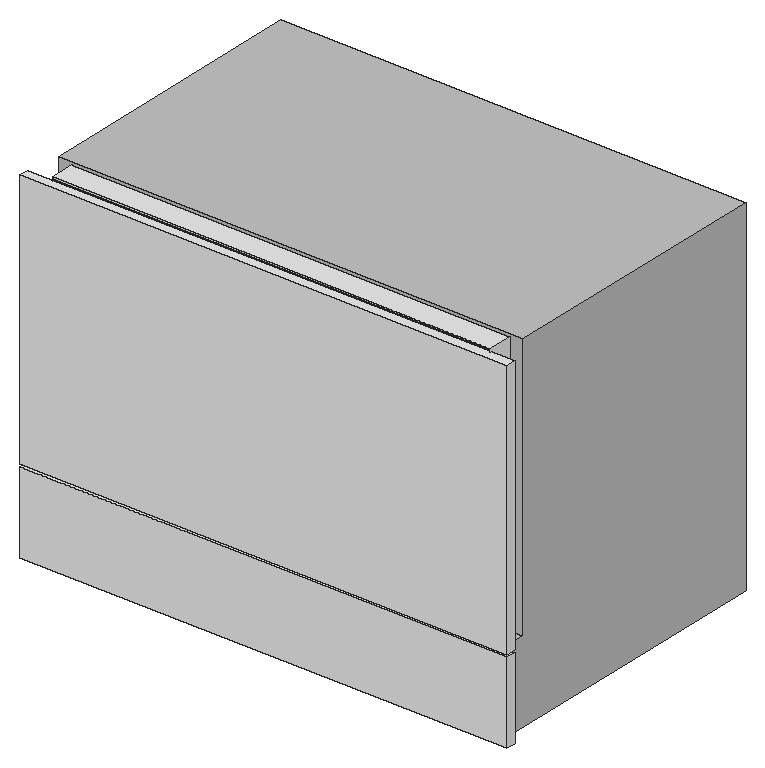
Revit family "FP-Revit20-en-RB90S64MKIW1-Cooldrawer-0-90004438A-CN", category Specialty Equipment, Revit 2020
Family settings
  Round Connector Dimension = Use Diameter
  Part Type = Normal
  Work Plane-Based = No
  Always vertical = Yes
  Cut with Voids When Loaded = Yes
  Shared = No
  Room Calculation Point = No
Parameters (values of type "RB90S64MKIW1 with custom drawer panel (dual)")
  Visibility - F&P contemporary square fine handle = no
  Visibility - F&P contemporary square fine black handle = no
  Visibility - Custom drawer panel (single) = no
  Visibility - F&P stainless door panel kit 840545 = no
  Visibility - F&P contemporary square handle = no
  Visibility - Custom drawer panel (dual) = yes
  Visibility - F&P Contemporary round handle = no
  Visibility - Clearance Required = yes
  URL = "www.fisherpaykel.com"
  Product - Width = 855.0 mm  # constant formula
  Product - Height = 640.0 mm  # constant formula
  Product - Depth = 557.0 mm  # constant formula
  Drawer Panel Offset (distane below base of cooldrawer, max 30mm) [instance] = 0.0 mm
  Material - Trim = Fisher & Paykel - Stainless Steel
  Material - Structure = Fisher & Paykel - White
  Material - Door Panel [instance] = Fisher & Paykel - White
  Material - Body = Fisher & Paykel - Grey
  Manufacturer = "Fisher&Paykel"
  Handle Mounting Hole Height [instance] = 590.0 mm
  Drawer Panel - Width = 896.0 mm  # constant formula
  Drawer Panel Height (for single custom panel, min 630mm) [instance] = 630.0 mm
  Drawer Panel Height (for dual custom panels, min 476mm) [instance] = 476.0 mm
  Drawer Panel Thickness (16mm - 20mm) [instance] = 18.0 mm
  Description = "90cm Cool Drawer"
  Model = "RB90S64MKIW1"
  Default Elevation = 0.0 mm
  Connector Description - Electrical = "110 V, 60 Hz, 186 W"
  Chassis - Width = 855.0 mm  # constant formula
  Chassis - Height = 640.0 mm  # constant formula
  Chassis - Depth = 557.0 mm  # constant formula
  Cavity - Width = 864.0 mm  # constant formula
  Cavity - Height = 644.0 mm  # constant formula
  Cavity - Depth = 560.0 mm  # constant formula
  FFL Offset [instance] = 86.0 mm
Types (4, lengths in mm): name | Visibility - Custom drawer panel (single) | Visibility - F&P stainless door panel kit 840545 | Visibility - F&P contemporary square handle | Visibility - Custom drawer panel (dual) | Material - Trim | Material - Door Panel | Handle Mounting Hole Height
  RB90S64MKIW1 with custom drawer panel (dual) | no | no | no | yes | Fisher & Paykel - Stainless Steel | Fisher & Paykel - White | 590.0
  RB90S64MKIW1 with custom drawer panel (single) | yes | no | no | no | Fisher & Paykel - Stainless Steel | Fisher & Paykel - White | 590.0
  RB90S64MKIW1 | no | no | no | no | Fisher & Paykel - White | Fisher & Paykel - Stainless Steel | 582.0
  RB90S64MKIW1 with F&P door panel kit 840545 | no | yes | yes | no | Fisher & Paykel - Stainless Steel | Fisher & Paykel - Stainless Steel | 590.0
Reference planes
  plane 1 "Datum": y = 0
  plane 2: z = 0
  plane 3 "Center (Left/Right)": x = 0
  plane 4 "Product - Depth": y = 557
  plane 5: x = -427.5
  plane 6: x = 427.5
  plane 7 "Chassis - Height": z = 726
  plane 8 "Door LHS": x = -448
  plane 9 "Door RHS": x = 448
  plane 10 "Cavity - Depth": y = 560
  plane 11 "Cavity - Height": z = 730
  plane 12 "Cavity - LHS": x = -432
  plane 13 "Cavity - RHS": x = 432
  plane 14 "Chassis": y = 45
  plane 15 "Door Panel": y = -18
  plane 16 "FFL Offset": z = 86
  plane 17 "Door Panel - Bottom": z = 240
  plane 18 "False Panel - Top": z = 236
  plane 19 "False Panel - Bottom": z = 86
  plane 20 "Handle Height": z = 676
Forms (mm)
  Extrusion 1, solid, material "Fisher & Paykel - Grey" <- "Material - Body"
    sketch origin (0, 0, 0) x (0, 1, 0) y (0, 0, 1)
      loop
        line (557, 86) -> (557, 726) -> (45, 726) -> (45, 236) -> (0, 236) -> (0, 86) -> (557, 86)
    from -427.5 to 427.5
  Extrusion 2, solid, material "Fisher & Paykel - Grey" <- "Material - Body", detail levels medium+fine
    sketch origin (-475.075, 0, -148.233) x (1, 0, 0) y (0, 0, 1)
      loop
        circle (287.575, 314.233) r 5
    from -557 to -560
  Extrusion 3, solid, material "Fisher & Paykel - White" <- "Material - Structure", detail levels medium+fine
    sketch origin (0, 0, 0) x (1, 0, 0) y (0, 0, 1)
      loop
        line (-402.5, 273) -> (-401.5, 273) -> (-401.5, 718) -> (401.5, 718) -> (401.5, 273) -> (402.5, 273) -> (402.5, 721) -> (-402.5, 721) -> (-402.5, 273)
    from -45 to 0
  Extrusion 4, solid, material "Fisher & Paykel - White" <- "Material - Structure"
    sketch origin (0, 0, 0) x (1, 0, 0) y (0, 0, 1)
      loop
        line (-401.5, 718) -> (-401.5, 273) -> (401.5, 273) -> (401.5, 718) -> (-401.5, 718)
    from -45 to -9
  Extrusion 5, solid, material "Fisher & Paykel - White" <- "Material - Structure", detail levels medium+fine
    sketch origin (0, 0, 0) x (1, 0, 0) y (0, 0, 1)
      loop
        line (-381.5, 673) -> (-381.5, 293) -> (381.5, 293) -> (381.5, 673) -> (-381.5, 673)
    from -9 to 0
  Extrusion 6, solid, material "Fisher & Paykel - Stainless Steel" <- "Material - Trim", detail levels medium+fine
    sketch origin (0, 0, 0) x (1, 0, 0) y (0, 0, 1)
      loop
        line (-379, 678.5) -> (-349, 678.5) -> (-349, 687.5)
        arc (-349, 687.5) -> (-350.757, 691.743) -> (-355, 693.5) r 6
        line (-355, 693.5) -> (-373, 693.5)
        arc (-373, 693.5) -> (-377.243, 691.743) -> (-379, 687.5) r 6
        line (-379, 687.5) -> (-379, 678.5)
      loop
        circle (-373, 687.5) r 2.5
      loop
        circle (-355, 687.5) r 2.5
      loop
        line (349, 678.5) -> (379, 678.5) -> (379, 687.5)
        arc (379, 687.5) -> (377.243, 691.743) -> (373, 693.5) r 6
        line (373, 693.5) -> (355, 693.5)
        arc (355, 693.5) -> (350.757, 691.743) -> (349, 687.5) r 6
        line (349, 687.5) -> (349, 678.5)
      loop
        circle (355, 687.5) r 2.5
      loop
        circle (373, 687.5) r 2.5
      loop
        line (-15, 287.5) -> (-15, 278.5)
        arc (-15, 278.5) -> (-13.243, 274.257) -> (-9, 272.5) r 6
        line (-9, 272.5) -> (9, 272.5)
        arc (9, 272.5) -> (13.243, 274.257) -> (15, 278.5) r 6
        line (15, 278.5) -> (15, 287.5) -> (-15, 287.5)
      loop
        circle (-9, 278.5) r 2.5
      loop
        circle (9, 278.5) r 2.5
    from -2.5 to 0
  Extrusion 7, solid, material "Fisher & Paykel - Stainless Steel" <- "Material - Trim", detail levels fine
    sketch origin (0, 0, 0) x (1, 0, 0) y (0, 1, 0)
      loop
        circle (-364.272, 4.531) r 2.497
      loop
        circle (364.512, 4.531) r 2.497
    from 673 to 678.5
  Extrusion 8, solid, material "Fisher & Paykel - Stainless Steel" <- "Material - Trim", detail levels fine
    sketch origin (0, 0, 0) x (1, 0, 0) y (0, 1, 0)
      loop
        circle (0, 5.242) r 2.5
    from 287.5 to 293
  Extrusion 9, solid, material "Fisher & Paykel - Clearance Required", visible <- "Visibility - Clearance Required", detail levels coarse
    sketch origin (0, 17.997, -93.995) x (0, 1, 0) y (0, 0, 1)
      loop
        line (-17.997, 836.995) -> (-537.997, 836.995) -> (-537.997, 777.995) -> (-578.997, 777.995) -> (-578.997, 761.994) -> (-537.997, 761.994) -> (-537.997, 179.995) -> (-17.997, 179.995) -> (-17.997, 836.995)
    from -450 to 450
  Extrusion 10, solid, material "Fisher & Paykel - Clearance Required", visible <- "Visibility - Clearance Required", detail levels coarse
    sketch origin (0, 0, 0) x (0, 1, 0) y (0, 0, 1)
      loop
        line (0, 730) -> (0, 86) -> (560, 86) -> (560, 730) -> (0, 730)
    from -432 to 432
  Extrusion 11, solid, material "Fisher & Paykel - White" <- "Material - Door Panel", visible <- "Visibility - Custom drawer panel (dual)"
    sketch origin (0, 0, 0) x (0, 1, 0) y (0, 0, 1)
      loop
        line (-18, 716) -> (-18, 240) -> (0, 240) -> (0, 716) -> (-18, 716)
    from -448 to 448
  Extrusion 12, solid, material "Fisher & Paykel - Grey" <- "Material - Body", detail levels fine
    sketch origin (0, 0, 0) x (0, 1, 0) y (0, 0, 1)
      loop
        line (2.5, 287.5) -> (2.5, 284.493) -> (8.055, 284.493) -> (8.055, 287.5) -> (2.5, 287.5)
    from -15 to 15
  Extrusion 13, solid, material "Fisher & Paykel - Grey" <- "Material - Body", detail levels fine
    sketch origin (0, 0, 0) x (0, 1, 0) y (0, 0, 1)
      loop
        line (2.5, 681.5) -> (2.5, 678.5) -> (8.055, 678.5) -> (8.055, 681.5) -> (2.5, 681.5)
    from 349 to 379
  Extrusion 14, solid, material "Fisher & Paykel - Grey" <- "Material - Body", detail levels fine
    sketch origin (0, 0, 0) x (0, 1, 0) y (0, 0, -1)
      loop
        line (2.5, -681.5) -> (8.055, -681.5) -> (8.055, -678.5) -> (2.5, -678.5) -> (2.5, -681.5)
    from 349 to 379
  Extrusion 15, solid, material "Fisher & Paykel - White" <- "Material - Door Panel", visible <- "Visibility - Custom drawer panel (dual)"
    sketch origin (0, 0, 0) x (0, 1, 0) y (0, 0, 1)
      loop
        line (-18, 236) -> (-18, 86) -> (0, 86) -> (0, 236) -> (-18, 236)
    from -448 to 448
  Extrusion 16, void
    sketch origin (0, 0, 0) x (0, 1, 0) y (0, 0, 1)
      loop
        line (-18, 743) -> (-18, 86) -> (0, 86) -> (0, 743) -> (-18, 743)
    from -450 to 450
  Extrusion 17, void
    sketch origin (0, 0, 0) x (0, 1, 0) y (0, 0, 1)
      loop
        line (0, 730) -> (0, 86) -> (560, 86) -> (560, 730) -> (0, 730)
    from -432 to 432
  Extrusion 18, solid, material "Fisher & Paykel - White" <- "Material - Door Panel", visible <- "Visibility - Custom drawer panel (single)"
    sketch origin (0, 0, 0) x (0, 1, 0) y (0, 0, 1)
      loop
        line (-18, 716) -> (-18, 86) -> (0, 86) -> (0, 716) -> (-18, 716)
    from -448 to 448
  Extrusion 19, solid, material "Fisher & Paykel - White" <- "Material - Door Panel", visible <- "Visibility - F&P stainless door panel kit 840545"
    sketch origin (0, 0, 146.144) x (0, 1, 0) y (0, 0, 1)
      loop
        line (-18, 594.856) -> (-18, 118.856) -> (0, 118.856) -> (0, 594.856) -> (-18, 594.856)
    from -448 to 448
Dimensions and locks
  "Product - Width": plane 5 to plane 6
  plane 8 "Door LHS" to plane 5 = 20.5 mm
  plane 9 "Door RHS" to plane 6 = 20.5 mm
  equal spacing: plane 12 "Cavity - LHS", plane 3 "Center (Left/Right)", plane 13 "Cavity - RHS"
  "Cavity - Width": plane 12 "Cavity - LHS" to plane 13 "Cavity - RHS"
  equal spacing: Extrusion 9, plane 3 "Center (Left/Right)", Extrusion 9
  Extrusion 9 to Extrusion 9 = 900.0 mm
  equal spacing: plane 5, plane 3 "Center (Left/Right)", plane 6
  equal spacing: plane 8 "Door LHS", plane 3 "Center (Left/Right)", plane 9 "Door RHS"
  "FFL Offset": plane 16 "FFL Offset" to plane 2
  "Chassis - Height": plane 16 "FFL Offset" to plane 7 "Chassis - Height"
  locked: Extrusion 1 to plane 16 "FFL Offset" at 150
  locked: plane 16 "FFL Offset" to Extrusion 2 sketch curve at 80
  locked: plane 7 "Chassis - Height" to Extrusion 5 at 53
  "Cavity - Height": plane 11 "Cavity - Height" to plane 16 "FFL Offset"
  "Drawer Panel - Width": plane 8 "Door LHS" to plane 9 "Door RHS"
  locked: Extrusion 9 to plane 8 "Door LHS" at 2
  locked: Extrusion 3 sketch curve to plane 7 "Chassis - Height" at 5
  locked: Extrusion 4 to plane 7 "Chassis - Height" at 8
  locked: plane 16 "FFL Offset" to Extrusion 3 sketch curve at 187  (x2)
  locked: Extrusion 13 to Extrusion 13 at 3
  locked: Extrusion 12 to Extrusion 12 at 3.007
  locked: Extrusion 12 to plane 16 "FFL Offset" at 201.5
  Extrusion 14 to plane 16 "FFL Offset" = 592.5 mm
  locked: Extrusion 5 to plane 16 "FFL Offset" at 207
  "Drawer Panel Thickness (16mm - 20mm)": plane 15 "Door Panel" to plane 1 "Datum"
  "Chassis - Depth": plane 1 "Datum" to plane 4 "Product - Depth"
  "Cavity - Depth": plane 1 "Datum" to plane 10 "Cavity - Depth"
  locked: plane 18 "False Panel - Top" to plane 17 "Door Panel - Bottom" at 4
  locked: Extrusion 6 to plane 7 "Chassis - Height" at 47.5
  "Drawer Panel Offset (distane below base of cooldrawer, max 30mm)": plane 16 "FFL Offset" to plane 19 "False Panel - Bottom"
  "Drawer Panel Height (for single custom panel, min 630mm)": Extrusion 18 to plane 19 "False Panel - Bottom"
  locked: plane 18 "False Panel - Top" to plane 16 "FFL Offset" at 150
  locked: Extrusion 19 to plane 16 "FFL Offset" at 179
  locked: Extrusion 19 to Extrusion 19 at 476
  locked: Extrusion 9 to Extrusion 19 at 2
  "Drawer Panel Height (for dual custom panels, min 476mm)": plane 17 "Door Panel - Bottom" to Extrusion 11
  "Handle Mounting Hole Height": plane 20 "Handle Height" to plane 16 "FFL Offset"
  locked: Extrusion 9 sketch curve to plane 20 "Handle Height" at 8
  locked: plane 20 "Handle Height" to Extrusion 9 sketch curve at 8.001
  locked: nested 4 to plane 20 "Handle Height" at 8
  aligned and locked: plane 2 to level
  aligned and locked: plane 4 "Product - Depth" to Extrusion 1 sketch curve
  aligned and locked: Extrusion 1 to plane 6
  aligned and locked: plane 5 to Extrusion 1
  aligned and locked: Extrusion 2 to plane 4 "Product - Depth"
  aligned and locked: Extrusion 10 sketch curve to plane 10 "Cavity - Depth"
  aligned and locked: Extrusion 11 to plane 9 "Door RHS"
  aligned and locked: Extrusion 11 to plane 8 "Door LHS"
  aligned and locked: plane 10 "Cavity - Depth" to Extrusion 2
  aligned and locked: plane 4 "Product - Depth" to Extrusion 1
  aligned and locked: Extrusion 9 to plane 1 "Datum"
  aligned and locked: plane 14 "Chassis" to Extrusion 1
  aligned and locked: plane 15 "Door Panel" to Extrusion 11
  aligned and locked: plane 1 "Datum" to Extrusion 6
  aligned and locked: plane 16 "FFL Offset" to Extrusion 1
  aligned and locked: Extrusion 3 to Extrusion 4  (x2)
  aligned and locked: Extrusion 1 to plane 7 "Chassis - Height"
  aligned and locked: Extrusion 7 to Extrusion 5
  aligned and locked: Extrusion 7 to Extrusion 6
  aligned and locked: Extrusion 10 to plane 16 "FFL Offset"
  aligned and locked: plane 11 "Cavity - Height" to Extrusion 10
  aligned and locked: Extrusion 6 sketch curve to Extrusion 6 sketch curve
  aligned and locked: Extrusion 6 to Extrusion 13  (x3)
  aligned and locked: Extrusion 6 to Extrusion 12
  aligned and locked: Extrusion 12 to Extrusion 6  (x2)
  aligned and locked: Extrusion 6 to Extrusion 14  (x3)
  aligned and locked: Extrusion 6 to Extrusion 6
  aligned and locked: Extrusion 9 to Extrusion 9
  aligned and locked: Extrusion 11 to Extrusion 15
  aligned and locked: Extrusion 15 to plane 1 "Datum"
  aligned and locked: plane 17 "Door Panel - Bottom" to Extrusion 11
  aligned and locked: plane 18 "False Panel - Top" to Extrusion 15
  aligned and locked: plane 19 "False Panel - Bottom" to Extrusion 15
  aligned and locked: Extrusion 9 to plane 19 "False Panel - Bottom"
  aligned and locked: Extrusion 15 to Extrusion 11  (x2)
  aligned and locked: Extrusion 8 to Extrusion 5
  aligned and locked: Extrusion 6 to Extrusion 8
  aligned and locked: plane 16 "FFL Offset" to Extrusion 17 sketch curve
  aligned and locked: Extrusion 17 sketch curve to plane 10 "Cavity - Depth"
  aligned and locked: Extrusion 17 sketch curve to plane 11 "Cavity - Height"
  aligned and locked: Extrusion 17 sketch curve to plane 1 "Datum"
  aligned and locked: plane 13 "Cavity - RHS" to Extrusion 17
  aligned and locked: Extrusion 17 to plane 12 "Cavity - LHS"
  aligned and locked: plane 15 "Door Panel" to Extrusion 18 sketch curve
  aligned and locked: plane 1 "Datum" to Extrusion 18 sketch curve
  aligned and locked: Extrusion 18 to plane 9 "Door RHS"
  aligned and locked: Extrusion 18 to plane 8 "Door LHS"
  aligned and locked: Extrusion 18 to plane 19 "False Panel - Bottom"
  aligned and locked: Extrusion 16 to plane 19 "False Panel - Bottom"
  aligned and locked: plane 15 "Door Panel" to Extrusion 19 sketch curve
  aligned and locked: plane 1 "Datum" to Extrusion 19 sketch curve
  aligned and locked: Extrusion 19 to plane 9 "Door RHS"
  aligned and locked: Extrusion 19 to plane 8 "Door LHS"
Automatic sketch dimensions
  plane 7 "Chassis - Height" to Extrusion 1 sketch curve = 0.0 mm
  Extrusion 1 sketch curve to plane 14 "Chassis" = 0.0 mm
  Extrusion 1 sketch curve to plane 16 "FFL Offset" = 0.0 mm
  plane 16 "FFL Offset" to Extrusion 1 sketch curve = 150.0 mm
  Extrusion 2 sketch curve to plane 3 "Center (Left/Right)" = 187.5 mm
  Extrusion 3 sketch curve to plane 5 = 25.0 mm
  Extrusion 3 sketch curve to Extrusion 3 sketch curve = 1.0 mm  (x2)
  plane 6 to Extrusion 3 sketch curve = 26.0 mm
  Extrusion 3 sketch curve to Extrusion 3 sketch curve = 3.0 mm
  Extrusion 4 sketch curve to plane 5 = 26.0 mm
  plane 7 "Chassis - Height" to Extrusion 4 sketch curve = 8.0 mm
  plane 6 to Extrusion 4 sketch curve = 26.0 mm
  plane 16 "FFL Offset" to Extrusion 4 sketch curve = 187.0 mm
  Extrusion 5 sketch curve to plane 5 = 46.0 mm
  plane 6 to Extrusion 5 sketch curve = 46.0 mm
  plane 16 "FFL Offset" to Extrusion 5 sketch curve = 207.0 mm
  Extrusion 6 sketch curve to Extrusion 6 sketch curve = 0.0 mm  (x16)
  Extrusion 6 sketch curve to plane 5 = 48.5 mm
  Extrusion 6 sketch curve to Extrusion 6 sketch curve = 6.0 mm  (x6)
  Extrusion 6 sketch curve to Extrusion 6 sketch curve = 18.0 mm  (x2)
  Extrusion 6 sketch curve to plane 3 "Center (Left/Right)" = 15.0 mm
  plane 3 "Center (Left/Right)" to Extrusion 6 sketch curve = 9.0 mm
  plane 6 to Extrusion 6 sketch curve = 78.5 mm
  plane 16 "FFL Offset" to Extrusion 6 sketch curve = 201.5 mm
  Extrusion 6 sketch curve to Extrusion 6 sketch curve = 9.0 mm  (x2)
  Extrusion 7 sketch curve to plane 1 "Datum" = 4.531 mm  (x2)
  Extrusion 7 sketch curve to plane 5 = 63.228 mm
  plane 6 to Extrusion 7 sketch curve = 62.988 mm
  Extrusion 8 sketch curve to plane 3 "Center (Left/Right)" = 0.0 mm
  Extrusion 8 sketch curve to plane 1 "Datum" = 5.242 mm
  Extrusion 10 sketch curve to plane 1 "Datum" = 0.0 mm
  Extrusion 10 sketch curve to plane 16 "FFL Offset" = 0.0 mm
  Extrusion 10 sketch curve to plane 11 "Cavity - Height" = 0.0 mm
  Extrusion 11 sketch curve to plane 15 "Door Panel" = 0.0 mm
  Extrusion 11 sketch curve to plane 1 "Datum" = 0.0 mm
  plane 16 "FFL Offset" to Extrusion 11 sketch curve = 154.0 mm
  Extrusion 12 sketch curve to plane 1 "Datum" = 2.5 mm
  Extrusion 12 sketch curve to Extrusion 12 sketch curve = 5.555 mm
  plane 16 "FFL Offset" to Extrusion 12 sketch curve = 198.493 mm
  Extrusion 12 sketch curve to Extrusion 12 sketch curve = 3.007 mm
  Extrusion 13 sketch curve to plane 1 "Datum" = 2.5 mm
  Extrusion 13 sketch curve to Extrusion 13 sketch curve = 5.555 mm
  Extrusion 13 sketch curve to Extrusion 13 sketch curve = 3.0 mm
  Extrusion 14 sketch curve to plane 1 "Datum" = 2.5 mm
  Extrusion 14 sketch curve to Extrusion 14 sketch curve = 5.555 mm
  Extrusion 14 sketch curve to Extrusion 14 sketch curve = 3.0 mm
  Extrusion 15 sketch curve to plane 15 "Door Panel" = 0.0 mm
  Extrusion 15 sketch curve to plane 1 "Datum" = 0.0 mm
  Extrusion 15 sketch curve to plane 16 "FFL Offset" = 0.0 mm
  Extrusion 15 sketch curve to Extrusion 15 sketch curve = 150.0 mm
  Extrusion 1 sketch curve to plane 1 "Datum" = 0.0 mm
  Extrusion 11 sketch curve to plane 11 "Cavity - Height" = 14.0 mm
  level to Extrusion 18 sketch curve = 86.0 mm
  Extrusion 16 sketch curve to plane 15 "Door Panel" = 0.0 mm
  level to Extrusion 16 sketch curve = 86.0 mm
  Extrusion 16 sketch curve to plane 1 "Datum" = 0.0 mm
  plane 16 "FFL Offset" to Extrusion 19 sketch curve = 179.0 mm
  plane 11 "Cavity - Height" to Extrusion 19 sketch curve = 11.0 mm
  Extrusion 9 sketch curve to plane 16 "FFL Offset" = 0.0 mm
  Extrusion 9 sketch curve to plane 1 "Datum" = 0.0 mm
  Extrusion 9 sketch curve to plane 15 "Door Panel" = 502.0 mm
  Extrusion 9 sketch curve to Extrusion 9 sketch curve = 0.0 mm
  Extrusion 9 sketch curve to Extrusion 9 sketch curve = 41.0 mm
  plane 11 "Cavity - Height" to Extrusion 16 sketch curve = 13.0 mm
  plane 11 "Cavity - Height" to Extrusion 9 sketch curve = 13.0 mm
  plane 7 "Chassis - Height" to Extrusion 18 sketch curve = 10.0 mm
  plane 7 "Chassis - Height" to Extrusion 5 sketch curve = 53.0 mm
  plane 7 "Chassis - Height" to Extrusion 6 sketch curve = 47.5 mm  (x2)
  plane 7 "Chassis - Height" to Extrusion 13 sketch curve = 47.5 mm
  plane 7 "Chassis - Height" to Extrusion 14 sketch curve = 44.5 mm
  radius of Extrusion 2 sketch curve = 5.0 mm
  radius of Extrusion 6 sketch curve = 2.5 mm  (x6)
  radius of Extrusion 7 sketch curve = 2.497 mm  (x2)
  radius of Extrusion 8 sketch curve = 2.5 mm
Nested families
  nested 1: "F&P Handle Kit - Contemporary Round - Horizontal" at (0, -18, 676), visible <- "Visibility - F&P Contemporary round handle", type "25330 AHS-RB90S - Contemporary round handle"
  nested 2: "F&P Handle Kit - Contemporary Square - Horizontal" at (0, -18, 676.022), visible <- "Visibility - F&P contemporary square handle", type "25631 AHD3RB90S - Contemporary square handle"
    with Handle - Length 866.0 mm
  nested 3: "F&P Handle Kit - Contemporary Square Fine - Horizontal" at (0, -18, 676.022), visible <- "Visibility - F&P contemporary square fine black handle", type "25905 AHD5RD90SB - Contemporary square fine black handle"
  nested 4: "F&P Handle Kit - Contemporary Square Fine - Horizontal" at (0, -18, 676.022), visible <- "Visibility - F&P contemporary square fine handle", type "25860 AHD5RD36S - Contemporary square fine handle"
  nested 5: "F&P Handle Kit - Contemporary Round - Horizontal" at (0, -18, 668), visible <- "Visibility - F&P Contemporary round handle", type "25330 AHS-RB90S - Contemporary round handle", not visible
  nested 6: "F&P Handle Kit - Contemporary Square - Horizontal" at (0, -18, 668.022), visible <- "Visibility - F&P contemporary square handle", type "25631 AHD3RB90S - Contemporary square handle", not visible
    with Handle - Length 866.0 mm
  nested 7: "F&P Handle Kit - Contemporary Square Fine - Horizontal" at (0, -18, 668.022), visible <- "Visibility - F&P contemporary square fine black handle", type "25905 AHD5RD90SB - Contemporary square fine black handle", not visible
  nested 8: "F&P Handle Kit - Contemporary Square Fine - Horizontal" at (0, -18, 668.022), visible <- "Visibility - F&P contemporary square fine handle", type "25860 AHD5RD36S - Contemporary square fine handle", not visible
Connectors
  electrical at (-187.5, 560, 166), driven by "Connector Description - Electrical"
    settings: on Extrusion 2, index 1, voltage 110 V, apparent load 0 VA, apparent load phase1 0 VA, apparent load phase2 0 VA, apparent load phase3 0 VA, power factor 1, load classification "Other", number of poles 1, system type 30, power factor state 1, is connector primary yes, connector utility no, sub classification motor no, connector description "110 V, 60 Hz, 186 W"
Definition of nested family "F&P Handle Kit - Contemporary Round - Horizontal"
  Parameters (values of type "25330 AHS-RB90S - Contemporary round handle")
    URL = "www.fisherpaykel.com"
    Product - Width = 866.0 mm
    Model = ""
    Material - Handle = none
    Manufacturer = "Fisher & Paykel Appliances"
    Description = "Kit for Cooldrawer"
    Default Elevation = 0.0 mm
  Reference planes
    plane 1 "Center (Front/Back)": y = 0
    plane 2: z = 0
    plane 3 "Center (Left/Right)": x = 0
    plane 4 "Product LHS": x = -433
    plane 5 "Product RHS": x = 433
    plane 6 "LHS Standoff": x = -312.995
    plane 7 "RHS Standoff": x = 313.005
  Forms (mm)
    Extrusion 1, solid, material <- "Material - Handle"
      sketch origin (0, 0, 0) x (0, 1, 0) y (0, 0, 1)
        loop
          circle (-32.3, 0) r 8.7
      from -312.995 to 313.005
    Extrusion 2, solid, material <- "Material - Handle", detail levels fine
      sketch origin (0, 0, 0) x (0, 1, 0) y (0, 0, 1)
        loop
          line (0, 8.7) -> (-32.3, 8.7)
          arc (-32.3, 8.7) -> (-41, 0) -> (-32.3, -8.7) r 8.7
          line (-32.3, -8.7) -> (0, -8.7) -> (0, 8.7)
      from 313.005 to 433
    Extrusion 3, solid, material <- "Material - Handle", detail levels fine
      sketch origin (0, 0, 0) x (0, 1, 0) y (0, 0, -1)
        loop
          line (0, -8.7) -> (0, 8.7) -> (-32.3, 8.7)
          arc (-32.3, 8.7) -> (-41, 0) -> (-32.3, -8.7) r 8.7
          line (-32.3, -8.7) -> (0, -8.7)
      from 312.995 to 433
    Sweep 4, void
      path in 3D
        loop
          line (433, 0, 8.7) -> (433, -32.3, 8.7)
          arc (433, -32.3, 8.7) -> (433, -41, 0) -> (433, -32.3, -8.7) r 8.7
          line (433, -32.3, -8.7) -> (433, 0, -8.7)
      profile origin (433, -16.15, 8.7) x (1, 0, 0) y (0, 0, 1)
        loop
          line (0, 0) -> (-1, 0) -> (0, -1) -> (0, 0)
    Sweep 5, void
      path in 3D
        loop
          line (-433, 0, -8.7) -> (-433, -32.3, -8.7)
          arc (-433, -32.3, -8.7) -> (-433, -41, 0) -> (-433, -32.3, 8.7) r 8.7
          line (-433, -32.3, 8.7) -> (-433, 0, 8.7)
      profile origin (-433, -16.15, 8.7) x (-1, 0, 0) y (0, 0, 1)
        loop
          line (0, 0) -> (-1, 0) -> (0, -1) -> (0, 0)
    Extrusion 6, solid, material <- "Material - Handle", detail levels coarse+medium
      sketch origin (0, 0, 0) x (0, 1, 0) y (0, 0, 1)
        loop
          line (0, 8.7) -> (-32.3, 8.7)
          arc (-32.3, 8.7) -> (-41, 0) -> (-32.3, -8.7) r 8.7
          line (-32.3, -8.7) -> (0, -8.7) -> (0, 8.7)
      from 313.005 to 433
    Extrusion 7, solid, material <- "Material - Handle", detail levels coarse+medium
      sketch origin (0, 0, 0) x (0, 1, 0) y (0, 0, -1)
        loop
          line (0, -8.7) -> (0, 8.7) -> (-32.3, 8.7)
          arc (-32.3, 8.7) -> (-41, 0) -> (-32.3, -8.7) r 8.7
          line (-32.3, -8.7) -> (0, -8.7)
      from 312.995 to 433
  Cuts and joins
    Sweep 4 cuts Extrusion 2
    Sweep 5 cuts Extrusion 3
  Lines and regions (mm)
    sketch lines
      curve 1: line (433, 0, 8.7) -> (433, -32.3, 8.7)
      curve 2: arc (433, -32.3, -8.7) -> (433, -41, 0) -> (433, -32.3, 8.7) r 8.7
      curve 3: line (433, -32.3, -8.7) -> (433, 0, -8.7)
      curve 4: line (-433, -32.3, 8.7) -> (-433, 0, 8.7)
      curve 5: arc (-433, -32.3, 8.7) -> (-433, -41, 0) -> (-433, -32.3, -8.7) r 8.7
      curve 6: line (-433, 0, -8.7) -> (-433, -32.3, -8.7)
  Dimensions and locks
    equal spacing: plane 4 "Product LHS", plane 3 "Center (Left/Right)", plane 5 "Product RHS"
    "Product - Width": plane 4 "Product LHS" to plane 5 "Product RHS"
    locked: plane 4 "Product LHS" to plane 6 "LHS Standoff" at 120.005
    locked: plane 7 "RHS Standoff" to plane 5 "Product RHS" at 119.995
    equal spacing: Extrusion 2 sketch curve, level, Extrusion 2 sketch curve
    Extrusion 3 sketch curve to Extrusion 3 sketch curve = 17.4 mm
    Extrusion 6 sketch curve to Extrusion 6 sketch curve = 17.4 mm
    Extrusion 7 sketch curve to Extrusion 7 sketch curve = 17.4 mm
    aligned and locked: level to plane 2
    aligned and locked: plane 7 "RHS Standoff" to Extrusion 1
    aligned and locked: Extrusion 2 to Extrusion 1
    aligned and locked: Extrusion 2 to plane 5 "Product RHS"
    aligned and locked: plane 4 "Product LHS" to Extrusion 3
    aligned and locked: plane 6 "LHS Standoff" to Extrusion 3
    aligned and locked: Extrusion 1 to plane 6 "LHS Standoff"
    aligned and locked: Extrusion 6 to Extrusion 1
    aligned and locked: Extrusion 6 to plane 5 "Product RHS"
    aligned and locked: plane 4 "Product LHS" to Extrusion 7
    aligned and locked: Extrusion 7 to Extrusion 1
  Automatic sketch dimensions
    Extrusion 1 sketch curve to level = 0.0 mm
    plane 1 "Center (Front/Back)" to Extrusion 1 sketch curve = 32.3 mm
    Extrusion 2 sketch curve to plane 1 "Center (Front/Back)" = 0.0 mm
    Extrusion 2 sketch curve to level = 8.7 mm
    plane 1 "Center (Front/Back)" to Extrusion 2 sketch curve = 32.3 mm
    Extrusion 3 sketch curve to level = 0.0 mm
    Extrusion 3 sketch curve to plane 1 "Center (Front/Back)" = 0.0 mm
    Extrusion 3 sketch curve to level = 8.7 mm
    plane 1 "Center (Front/Back)" to Extrusion 3 sketch curve = 32.3 mm
    Sweep 4 sketch curve to profile plane = 0.0 mm
    profile plane to Sweep 4 sketch curve = 0.0 mm
    profile plane to Sweep 4 sketch curve = 1.0 mm
    Sweep 4 sketch curve to profile plane = 1.0 mm
    Sweep 5 sketch curve to profile plane = 0.0 mm  (x2)
    profile plane to Sweep 5 sketch curve = 1.0 mm
    Sweep 5 sketch curve to profile plane = 1.0 mm
    Extrusion 6 sketch curve to level = 0.0 mm
    level to Extrusion 6 sketch curve = 8.7 mm
    plane 1 "Center (Front/Back)" to Extrusion 6 sketch curve = 32.3 mm
    Extrusion 6 sketch curve to Extrusion 6 sketch curve = 32.3 mm
    Extrusion 7 sketch curve to level = 0.0 mm
    level to Extrusion 7 sketch curve = 8.7 mm
    plane 1 "Center (Front/Back)" to Extrusion 7 sketch curve = 32.3 mm
    Extrusion 7 sketch curve to Extrusion 7 sketch curve = 32.3 mm
    radius of Extrusion 1 sketch curve = 8.7 mm
Definition of nested family "F&P Handle Kit - Contemporary Square - Horizontal"
  Parameters (values of type "25668 AHD3RB90S US - Contemporary square handle")
    URL = "www.fisherpaykel.com"
    Material - Handle = none
    Manufacturer = "Fisher & Paykel Appliances"
    Handle - Length = 727.0 mm
    Description = ""
    Default Elevation = 0.0 mm
  Types (13, lengths in mm): name | Handle - Length
    AHD3RD2484W - Contemporary square handle (2 of 2) (Horizontal) 494mm | 494.0
    AHD3RD3084W - Contemporary square handle (2 of 2) (Horizontal) 646mm | 646.0
    AHD3RS3272A - Contemporary square handle (2 of 2) (Horizontal) 646mm | 646.0
    AHD3RS80A - Contemporary square handle (2 of 2) (Horizontal) 646mm | 646.0
    AHD3RD6121W - Contemporary square handle (2 of 2) (Horizontal) 494mm | 494.0
    AHD3RD7621W - Contemporary square handle (2 of 2) (Horizontal) 646mm | 646.0
    RS36A - Contemporary square handle (2 of 2) (Horizontal) 746mm | 746.0
    RS90A - Contemporary square handle (2 of 2) (Horizontal) 746mm | 746.0
    RS36W - Contemporary square handle (2 of 2) (Horizontal) 727mm | 727.0
    RS36WC - Contemporary square handle (2 of 2) (Horizontal) 727mm | 727.0
    RS91W - Contemporary square handle (2 of 2) (Horizontal) 727mm | 727.0
    25631 AHD3RB90S - Contemporary square handle | 727.0
    25668 AHD3RB90S US - Contemporary square handle | 727.0
  Reference planes
    plane 1 "Center (Front/Back)": y = 0
    plane 2: z = 0
    plane 3 "Center (Left/Right)": x = 0
    plane 4 "Product LHS": x = -363.5
    plane 5 "Product RHS": x = 363.5
    plane 6 "LHS Standoff": x = -243.495
    plane 7 "RHS Standoff": x = 243.505
  Forms (mm)
    Extrusion 1, solid, material <- "Material - Handle", detail levels fine
      sketch origin (0, 0, 0) x (0, 1, 0) y (0, 0, 1)
        loop
          arc (-28.701, 7.561) -> (-29.057, 7.868) -> (-29.514, 7.978) r 1
          line (-29.514, 7.978) -> (-40.5, 7.978)
          arc (-40.5, 7.978) -> (-41.561, 7.539) -> (-42, 6.478) r 1.5
          line (-42, 6.478) -> (-42, -6.522)
          arc (-42, -6.522) -> (-41.561, -7.583) -> (-40.5, -8.022) r 1.5
          line (-40.5, -8.022) -> (-29.487, -8.022)
          arc (-29.487, -8.022) -> (-29.029, -7.911) -> (-28.673, -7.602) r 1
          arc (-28.673, -7.602) -> (-26.256, -0.016) -> (-28.701, 7.561) r 13.038
      from -363.5 to 363.5
    Extrusion 2, solid, material <- "Material - Handle", detail levels fine
      sketch origin (0, 0, 0) x (0, 1, 0) y (0, 0, 1)
        loop
          arc (-28.23, 7.062) -> (-26.156, 0.008) -> (-28.198, -7.056) r 13.136
          arc (-28.198, -7.056) -> (-28.21, -7.463) -> (-27.86, -7.67) r 0.4
          line (-27.86, -7.67) -> (0, -7.67) -> (0, 7.678) -> (-27.893, 7.678)
          arc (-27.893, 7.678) -> (-28.244, 7.47) -> (-28.23, 7.062) r 0.4
      from 243.505 to 363.5
    Extrusion 3, solid, material <- "Material - Handle", detail levels fine
      sketch origin (0, 0, 0) x (0, 1, 0) y (0, 0, -1)
        loop
          arc (-28.23, -7.062) -> (-28.244, -7.47) -> (-27.893, -7.678) r 0.4
          line (-27.893, -7.678) -> (0, -7.678) -> (0, 7.67) -> (-27.86, 7.67)
          arc (-27.86, 7.67) -> (-28.21, 7.463) -> (-28.198, 7.056) r 0.4
          arc (-28.198, 7.056) -> (-26.156, -0.008) -> (-28.23, -7.062) r 13.136
      from 243.495 to 363.5
    Sweep 4, void
      path in 3D
        loop
          line (363.5, -29.514, 7.978) -> (363.5, -40.5, 7.978)
          arc (363.5, -40.5, 7.978) -> (363.5, -41.561, 7.539) -> (363.5, -42, 6.478) r 1.5
          line (363.5, -42, 6.478) -> (363.5, -42, -6.522)
          arc (363.5, -42, -6.522) -> (363.5, -41.561, -7.583) -> (363.5, -40.5, -8.022) r 1.5
          line (363.5, -40.5, -8.022) -> (363.5, -29.487, -8.022)
      profile origin (363.5, -35.007, 7.978) x (1, 0, 0) y (0, 0, 1)
        loop
          line (0, 0) -> (-1.3, 0) -> (0, -1.3) -> (0, 0)
    Sweep 5, void
      path in 3D
        loop
          line (-363.5, -29.487, -8.022) -> (-363.5, -40.5, -8.022)
          arc (-363.5, -40.5, -8.022) -> (-363.5, -41.561, -7.583) -> (-363.5, -42, -6.522) r 1.5
          line (-363.5, -42, -6.522) -> (-363.5, -42, 6.478)
          arc (-363.5, -42, 6.478) -> (-363.5, -41.561, 7.539) -> (-363.5, -40.5, 7.978) r 1.5
          line (-363.5, -40.5, 7.978) -> (-363.5, -29.514, 7.978)
      profile origin (-363.5, -35.007, 7.978) x (-1, 0, 0) y (0, 0, 1)
        loop
          line (0, 0) -> (-1.3, 0) -> (0, -1.3) -> (0, 0)
    Extrusion 6, void
      sketch origin (0, 0, 0) x (1, 0, 0) y (0, 0, 1)
        loop
          line (363.5, 7.978) -> (362.2, 7.978) -> (363.5, 6.678) -> (363.5, 7.978)
        loop
          line (363.5, -8.022) -> (363.5, -6.722) -> (362.2, -8.022) -> (363.5, -8.022)
      from 0 to 40
    Extrusion 7, void
      sketch origin (0, 0, 0) x (1, 0, 0) y (0, 0, 1)
        loop
          line (-363.5, 7.978) -> (-363.5, 6.678) -> (-362.2, 7.978) -> (-363.5, 7.978)
        loop
          line (-363.5, -8.022) -> (-362.2, -8.022) -> (-363.5, -6.722) -> (-363.5, -8.022)
      from 0 to 40
    Extrusion 8, solid, material <- "Material - Handle", detail levels coarse+medium
      sketch origin (0, 0, 0) x (1, 0, 0) y (0, 1, 0)
        loop
          line (-363.5, -42) -> (363.5, -42) -> (363.5, 0) -> (243.505, 0) -> (243.505, -26.156) -> (-243.495, -26.156) -> (-243.495, 0) -> (-363.5, 0) -> (-363.5, -42)
      from -8.022 to 7.978
  Cuts and joins
    Sweep 4, Sweep 5, Extrusion 6, Extrusion 7 cuts Extrusion 1
    Extrusion 6 cuts Extrusion 2
    Extrusion 7 cuts Extrusion 3
  Lines and regions (mm)
    sketch lines
      curve 1: line (363.5, -29.514, 7.978) -> (363.5, -40.5, 7.978)
      curve 2: arc (363.5, -42, 6.478) -> (363.5, -41.561, 7.539) -> (363.5, -40.5, 7.978) r 1.5
      curve 3: line (363.5, -42, 6.478) -> (363.5, -42, -6.522)
      curve 4: arc (363.5, -40.5, -8.022) -> (363.5, -41.561, -7.583) -> (363.5, -42, -6.522) r 1.5
      curve 5: line (363.5, -40.5, -8.022) -> (363.5, -29.487, -8.022)
      curve 6: line (-363.5, -40.5, 7.978) -> (-363.5, -29.514, 7.978)
      curve 7: arc (-363.5, -40.5, 7.978) -> (-363.5, -41.561, 7.539) -> (-363.5, -42, 6.478) r 1.5
      curve 8: line (-363.5, -42, -6.522) -> (-363.5, -42, 6.478)
      curve 9: arc (-363.5, -42, -6.522) -> (-363.5, -41.561, -7.583) -> (-363.5, -40.5, -8.022) r 1.5
      curve 10: line (-363.5, -29.487, -8.022) -> (-363.5, -40.5, -8.022)
  Dimensions and locks
    equal spacing: plane 4 "Product LHS", plane 3 "Center (Left/Right)", plane 5 "Product RHS"
    "Handle - Length": plane 4 "Product LHS" to plane 5 "Product RHS"
    locked: plane 4 "Product LHS" to plane 6 "LHS Standoff" at 120.005
    locked: plane 7 "RHS Standoff" to plane 5 "Product RHS" at 119.995
    aligned and locked: level to plane 2
    aligned and locked: Extrusion 1 to plane 5 "Product RHS"
    aligned and locked: plane 4 "Product LHS" to Extrusion 1
    aligned and locked: Extrusion 2 to plane 5 "Product RHS"
    aligned and locked: plane 4 "Product LHS" to Extrusion 3
    aligned and locked: plane 4 "Product LHS" to Extrusion 8 sketch curve
    aligned and locked: Extrusion 8 sketch curve to plane 5 "Product RHS"
    aligned and locked: Extrusion 8 sketch curve to plane 7 "RHS Standoff"
    aligned and locked: plane 6 "LHS Standoff" to Extrusion 8 sketch curve
    aligned and locked: Extrusion 2 to plane 7 "RHS Standoff"
    aligned and locked: plane 6 "LHS Standoff" to Extrusion 3
  Automatic sketch dimensions
    Extrusion 1 sketch curve to level = 6.522 mm
    plane 1 "Center (Front/Back)" to Extrusion 1 sketch curve = 42.0 mm
    Extrusion 1 sketch curve to Extrusion 1 sketch curve = 1.5 mm  (x2)
    Extrusion 1 sketch curve to level = 0.04 mm
    Extrusion 1 sketch curve to Extrusion 1 sketch curve = 1.206 mm
    level to Extrusion 1 sketch curve = 6.978 mm
    Extrusion 1 sketch curve to Extrusion 1 sketch curve = 10.986 mm
    Extrusion 1 sketch curve to Extrusion 1 sketch curve = 11.013 mm
    Extrusion 1 sketch curve to Extrusion 1 sketch curve = 1.0 mm
    level to Extrusion 1 sketch curve = 6.478 mm
    Extrusion 1 sketch curve to Extrusion 1 sketch curve = 0.0 mm
    Extrusion 2 sketch curve to plane 1 "Center (Front/Back)" = 0.0 mm
    Extrusion 2 sketch curve to level = 7.67 mm
    Extrusion 2 sketch curve to Extrusion 2 sketch curve = 27.86 mm
    level to Extrusion 2 sketch curve = 7.678 mm
    Extrusion 2 sketch curve to Extrusion 2 sketch curve = 0.033 mm
    Extrusion 2 sketch curve to level = 0.022 mm
    Extrusion 2 sketch curve to Extrusion 2 sketch curve = 11.398 mm
    Extrusion 2 sketch curve to Extrusion 2 sketch curve = 0.4 mm  (x2)
    Extrusion 2 sketch curve to Extrusion 2 sketch curve = 0.0 mm
    Extrusion 3 sketch curve to plane 1 "Center (Front/Back)" = 0.0 mm
    Extrusion 3 sketch curve to level = 7.67 mm
    Extrusion 3 sketch curve to Extrusion 3 sketch curve = 27.86 mm
    level to Extrusion 3 sketch curve = 7.678 mm
    Extrusion 3 sketch curve to Extrusion 3 sketch curve = 0.033 mm
    Extrusion 3 sketch curve to level = 0.022 mm
    Extrusion 3 sketch curve to Extrusion 3 sketch curve = 11.398 mm
    Extrusion 3 sketch curve to Extrusion 3 sketch curve = 0.4 mm  (x2)
    Extrusion 3 sketch curve to Extrusion 3 sketch curve = 0.0 mm
    profile plane to Sweep 4 sketch curve = 0.0 mm
    Sweep 4 sketch curve to profile plane = 0.0 mm
    Sweep 4 sketch curve to profile plane = 1.3 mm
    profile plane to Sweep 4 sketch curve = 1.3 mm
    Sweep 5 sketch curve to profile plane = 0.0 mm  (x2)
    profile plane to Sweep 5 sketch curve = 1.3 mm
    Sweep 5 sketch curve to profile plane = 1.3 mm
    plane 5 "Product RHS" to Extrusion 6 sketch curve = 0.0 mm  (x2)
    Extrusion 6 sketch curve to Extrusion 6 sketch curve = 1.3 mm  (x4)
    Extrusion 6 sketch curve to level = 6.722 mm
    level to Extrusion 6 sketch curve = 6.678 mm
    plane 4 "Product LHS" to Extrusion 7 sketch curve = 0.0 mm  (x2)
    Extrusion 7 sketch curve to plane 4 "Product LHS" = 1.3 mm  (x2)
    Extrusion 7 sketch curve to level = 8.022 mm
    level to Extrusion 7 sketch curve = 6.678 mm
    Extrusion 7 sketch curve to Extrusion 7 sketch curve = 1.3 mm  (x2)
    plane 1 "Center (Front/Back)" to Extrusion 8 sketch curve = 0.0 mm  (x2)
    Extrusion 8 sketch curve to Extrusion 8 sketch curve = 26.156 mm
    Extrusion 8 sketch curve to Extrusion 8 sketch curve = 42.0 mm
Definition of nested family "F&P Handle Kit - Contemporary Square Fine - Horizontal"
  Parameters (values of type "25860 AHD5RD36S - Contemporary square fine handle")
    URL = "www.fisherpaykel.com"
    Material - Handle = none
    Manufacturer = "Fisher & Paykel Appliances"
    Handle - Length = 866.0 mm
    Default Elevation = 0.0 mm
  Types (23, lengths in mm): name | Handle - Length
    (no name) | 866.0
    AHD5RD2484W - Contemporary square fine handle (2 of 2) (Horizontal) 494mm | 494.0
    AHD5RD2484WB - Contemporary square fine black handle (2 of 2) (Horizontal) 494mm | 494.0
    AHD5RD3084W - Contemporary square fine handle (2 of 2) (Horizontal) 646mm | 646.0
    AHD5RD3084WB - Contemporary square fine black handle (2 of 2) (Horizontal) 646mm | 646.0
    AHD5RD7621W - Contemporary square fine handle (2 of 2) (Horizontal) 646mm | 646.0
    AHD5RD7621WB - Contemporary square fine handle black (2 of 2) (Horizontal) 646mm | 646.0
    AHD5RD6121W - Contemporary square fine handle (2 of 2) (Horizontal) 494mm | 494.0
    AHD5RD6121WB - Contemporary square fine handle black (2 of 2) (Horizontal) 494mm | 494.0
    AHD5RD36A - Contemporary square fine handle (2 of 2) (Horizontal) 746mm | 746.0
    AHD5RD36AB - Contemporary square fine black handle (2 of 2) (Horizontal) 746mm | 746.0
    AHD5RD90A - Contemporary square fine handle (2 of 2) (Horizontal) 746mm | 746.0
    AHD5RD80A - Contemporary square fine handle (2 of 2) (Horizontal) 646mm | 646.0
    AHD5RD80AB - Contemporary square fine black handle (2 of 2) (Horizontal) 646mm | 646.0
    AHD5RD90AB - Contemporary square fine black handle (2 of 2) (Horizontal) 746mm | 746.0
    AHD5RD36W - Contemporary square fine handle (2 of 2) (Horizontal) 746mm | 746.0
    AHD5RD36WB - Contemporary square fine handle (2 of 2) (Horizontal) 746mm | 746.0
    AHD5RD9120W - Contemporary square fine handle (2 of 2) (Horizontal) 746mm | 746.0
    AHD5RD9120WB - Contemporary square fine handle (2 of 2) (Horizontal) 746mm | 746.0
    25905 AHD5RD90SB - Contemporary square fine black handle | 866.0
    25906 AHD5RD36SB - Contemporary square fine black handle | 866.0
    25861 AHD5RD36S - Contemporary square fine handle | 866.0
    25860 AHD5RD36S - Contemporary square fine handle | 866.0
  Reference planes
    plane 1 "Center (Front/Back)": y = 0
    plane 2: z = 0
    plane 3 "Center (Left/Right)": x = 0
    plane 4 "Product LHS": x = -433
    plane 5 "Product RHS": x = 433
    plane 6 "LHS Standoff": x = -312.995
    plane 7 "RHS Standoff": x = 313.005
  Forms (mm)
    Extrusion 1, solid, material <- "Material - Handle", detail levels fine
      sketch origin (0, 0, 0) x (0, 1, 0) y (0, 0, 1)
        loop
          arc (-26.813, 6.16) -> (-27.196, 6.554) -> (-27.728, 6.686) r 1
          line (-27.728, 6.686) -> (-40.035, 6.256)
          arc (-40.035, 6.256) -> (-40.719, 5.951) -> (-41, 5.257) r 1
          line (-41, 5.257) -> (-41, -5.257)
          arc (-41, -5.257) -> (-40.719, -5.951) -> (-40.035, -6.256) r 1
          line (-40.035, -6.256) -> (-27.709, -6.686)
          arc (-27.709, -6.686) -> (-27.175, -6.554) -> (-26.792, -6.158) r 1
          arc (-26.792, -6.158) -> (-25.256, 0.004) -> (-26.813, 6.16) r 13.038
      from -433 to 433
    Extrusion 2, solid, material <- "Material - Handle", detail levels fine
      sketch origin (0, 0, 0) x (0, 1, 0) y (0, 0, 1)
        loop
          arc (-26.626, -6.008) -> (-26.614, -6.49) -> (-26.2, -6.737) r 0.5
          line (-26.2, -6.737) -> (0, -7.696) -> (0, 7.704) -> (-26.174, 6.747)
          arc (-26.174, 6.747) -> (-26.587, 6.5) -> (-26.6, 6.019) r 0.5
          arc (-26.6, 6.019) -> (-25.156, 0.002) -> (-26.626, -6.008) r 13.136
      from 313.005 to 433
    Extrusion 3, solid, material <- "Material - Handle", detail levels coarse+medium
      sketch origin (0, 0, 0) x (1, 0, 0) y (0, 1, 0)
        loop
          line (-433, -42) -> (433, -42) -> (433, 0) -> (313.005, 0) -> (313.005, -26.156) -> (-312.995, -26.156) -> (-312.995, 0) -> (-433, 0) -> (-433, -42)
      from -8.022 to 7.978
    Extrusion 4, solid, material <- "Material - Handle", detail levels fine
      sketch origin (0, 0, 0) x (0, 1, 0) y (0, 0, 1)
        loop
          arc (-26.626, -6.008) -> (-26.614, -6.49) -> (-26.2, -6.737) r 0.5
          line (-26.2, -6.737) -> (0, -7.696) -> (0, 7.704) -> (-26.174, 6.747)
          arc (-26.174, 6.747) -> (-26.587, 6.5) -> (-26.6, 6.019) r 0.5
          arc (-26.6, 6.019) -> (-25.156, 0.002) -> (-26.626, -6.008) r 13.136
      from -433 to -312.995
  Dimensions and locks
    equal spacing: plane 4 "Product LHS", plane 3 "Center (Left/Right)", plane 5 "Product RHS"
    "Handle - Length": plane 4 "Product LHS" to plane 5 "Product RHS"
    locked: plane 4 "Product LHS" to plane 6 "LHS Standoff" at 120.005
    locked: plane 7 "RHS Standoff" to plane 5 "Product RHS" at 119.995
    aligned and locked: level to plane 2
    aligned and locked: Extrusion 1 to plane 5 "Product RHS"
    aligned and locked: plane 4 "Product LHS" to Extrusion 1
    aligned and locked: Extrusion 2 to plane 5 "Product RHS"
    aligned and locked: plane 4 "Product LHS" to Extrusion 3 sketch curve
    aligned and locked: Extrusion 3 sketch curve to plane 5 "Product RHS"
    aligned and locked: Extrusion 3 sketch curve to plane 7 "RHS Standoff"
    aligned and locked: plane 6 "LHS Standoff" to Extrusion 3 sketch curve
    aligned and locked: plane 4 "Product LHS" to Extrusion 4
    aligned and locked: plane 6 "LHS Standoff" to Extrusion 4
    aligned and locked: Extrusion 2 to plane 7 "RHS Standoff"
  Automatic sketch dimensions
    Extrusion 1 sketch curve to level = 5.257 mm
    plane 1 "Center (Front/Back)" to Extrusion 1 sketch curve = 41.0 mm
    level to Extrusion 1 sketch curve = 6.256 mm
    Extrusion 1 sketch curve to Extrusion 1 sketch curve = 0.965 mm  (x2)
    Extrusion 1 sketch curve to level = 6.256 mm
    Extrusion 1 sketch curve to Extrusion 1 sketch curve = 0.035 mm  (x3)
    Extrusion 1 sketch curve to level = 0.018 mm
    Extrusion 1 sketch curve to Extrusion 1 sketch curve = 1.706 mm
    level to Extrusion 1 sketch curve = 6.686 mm
    Extrusion 1 sketch curve to Extrusion 1 sketch curve = 12.307 mm
    Extrusion 1 sketch curve to level = 6.686 mm
    Extrusion 1 sketch curve to Extrusion 1 sketch curve = 12.326 mm
    Extrusion 1 sketch curve to Extrusion 1 sketch curve = 0.999 mm  (x2)
    Extrusion 1 sketch curve to Extrusion 1 sketch curve = 0.0 mm
    Extrusion 2 sketch curve to plane 1 "Center (Front/Back)" = 0.0 mm
    level to Extrusion 2 sketch curve = 6.247 mm
    plane 1 "Center (Front/Back)" to Extrusion 2 sketch curve = 26.155 mm
    level to Extrusion 2 sketch curve = 6.747 mm
    Extrusion 2 sketch curve to Extrusion 2 sketch curve = 0.018 mm  (x2)
    Extrusion 2 sketch curve to level = 6.238 mm
    Extrusion 2 sketch curve to Extrusion 2 sketch curve = 0.026 mm
    Extrusion 2 sketch curve to level = 6.737 mm
    level to Extrusion 2 sketch curve = 0.03 mm
    Extrusion 2 sketch curve to Extrusion 2 sketch curve = 12.11 mm
    Extrusion 2 sketch curve to level = 7.696 mm
    level to Extrusion 2 sketch curve = 7.704 mm
    Extrusion 2 sketch curve to Extrusion 2 sketch curve = 0.0 mm
    plane 1 "Center (Front/Back)" to Extrusion 3 sketch curve = 42.0 mm
    Extrusion 3 sketch curve to Extrusion 3 sketch curve = 15.844 mm
    Extrusion 3 sketch curve to Extrusion 3 sketch curve = 26.156 mm  (x2)
    level to Extrusion 4 sketch curve = 0.03 mm
    plane 1 "Center (Front/Back)" to Extrusion 4 sketch curve = 38.291 mm
    Extrusion 4 sketch curve to level = 6.737 mm
    Extrusion 4 sketch curve to Extrusion 4 sketch curve = 12.091 mm
    Extrusion 4 sketch curve to Extrusion 4 sketch curve = 0.018 mm  (x2)
    level to Extrusion 4 sketch curve = 6.747 mm
    Extrusion 4 sketch curve to Extrusion 4 sketch curve = 0.008 mm
    level to Extrusion 4 sketch curve = 7.704 mm
    Extrusion 4 sketch curve to Extrusion 4 sketch curve = 26.174 mm
    Extrusion 4 sketch curve to level = 7.696 mm
    Extrusion 4 sketch curve to Extrusion 4 sketch curve = 0.5 mm  (x2)
    Extrusion 4 sketch curve to Extrusion 4 sketch curve = 0.0 mm
